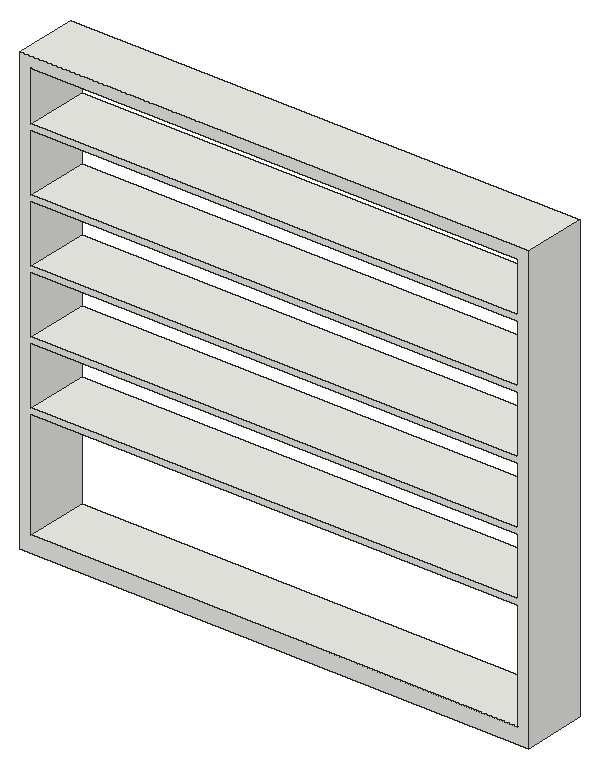
Revit family
Parameters (values of type "96" x 12" x 84"")
  Assembly Code = "E2020200"
  Depth = 1' - 0"
  Height = 7' - 0"
  Shelving Unit Material = Laminate - Ivory, Matte
  Width = 8' - 0"
Types (3): name | Depth | Height | Shelving Unit Material | Width
  (no name) | 1' - 0" | 7' - 0" | Laminate - Ivory, Matte | 8' - 0"
  36" x 10" x 72" | 0' - 10" | 6' - 0" | Wood - Birch | 3' - 0"
  96" x 12" x 84" | 1' - 0" | 7' - 0" | Laminate - Ivory, Matte | 8' - 0"
Reference planes (in)
  plane 1: y = -12
  plane 2: z = 0
  plane 3: x = 0
  plane 4 "Back": y = -6
  plane 5 "Front": y = -18
  plane 6 "Right": x = 48
  plane 7 "Left": x = -48
  plane 8: z = 84
  plane 9: x = -46
  plane 10: x = 46
  plane 11: x = -48
  plane 12: x = 48
  plane 13: z = 60
  plane 14: z = 36
  plane 15: z = 12
  plane 16: z = 72
  plane 17: z = 48
  plane 18: z = 24
Forms (in)
  Extrusion 1, solid, material "Laminate - Ivory, Matte" <- "Shelving Unit Material"
    sketch origin (0, 0, 0) x (1, 0, 0) y (0, 0, 1)
      loop
        line (-48, 0) -> (48, 0) -> (48, 84) -> (-48, 84) -> (-48, 0)
      loop
        line (-46, 82) -> (-46, 72.5) -> (46, 72.5) -> (46, 82) -> (-46, 82)
      loop
        line (-46, 3) -> (46, 3) -> (46, 23.5) -> (-46, 23.5) -> (-46, 3)
      loop
        line (46, 48.5) -> (46, 59.5) -> (-46, 59.5) -> (-46, 48.5) -> (46, 48.5)
      loop
        line (-46, 71.5) -> (-46, 60.5) -> (46, 60.5) -> (46, 71.5) -> (-46, 71.5)
      loop
        line (-46, 47.5) -> (-46, 36.5) -> (46, 36.5) -> (46, 47.5) -> (-46, 47.5)
      loop
        line (-46, 35.5) -> (-46, 24.5) -> (46, 24.5) -> (46, 35.5) -> (-46, 35.5)
    from 6 to 18
Lines and regions (in)
  Masking region 1
    outline origin (0, 0, 0) x (1, 0, 0) y (0, 1, 0)
      loop
        line (-48, -6) -> (-48, -18) -> (48, -18) -> (48, -6) -> (-48, -6)
Dimensions and locks (in)
  locked: plane 11 to plane 9 at 2
  plane 8 to Extrusion 1 sketch curve = 0' - 2"
  Extrusion 1 sketch curve to plane 2 = 0' - 3"
  "Width": plane 7 "Left" to plane 6 "Right"
  equal spacing: plane 7 "Left", plane 3, plane 6 "Right"
  equal spacing: plane 4 "Back", plane 1, plane 5 "Front"
  "Depth": plane 4 "Back" to plane 5 "Front"
  "Height": plane 8 to plane 2
  equal spacing: plane 8, plane 16, plane 13, plane 17, plane 14, plane 18, plane 15, plane 2
  locked: Extrusion 1 sketch curve to plane 16 at 0.5
  locked: plane 16 to Extrusion 1 sketch curve at 0.5
  locked: Extrusion 1 sketch curve to plane 13 at 0.5
  locked: plane 13 to Extrusion 1 sketch curve at 0.5
  locked: Extrusion 1 sketch curve to plane 17 at 0.5
  locked: plane 17 to Extrusion 1 sketch curve at 0.5
  locked: Extrusion 1 sketch curve to plane 14 at 0.5
  locked: plane 14 to Extrusion 1 sketch curve at 0.5
  locked: Extrusion 1 sketch curve to plane 18 at 0.5
  locked: plane 18 to Extrusion 1 sketch curve at 0.5
  locked: plane 10 to plane 12 at 2
  aligned and locked: Extrusion 1 to plane 5 "Front"
  aligned and locked: Extrusion 1 sketch curve to plane 11
  aligned and locked: Extrusion 1 sketch curve to plane 12
  aligned and locked: plane 11 to plane 7 "Left"
  aligned and locked: plane 12 to plane 6 "Right"
  aligned and locked: plane 4 "Back" to Extrusion 1
  aligned and locked: plane 10 to Extrusion 1 sketch curve  (x4)
  aligned and locked: Extrusion 1 sketch curve to Extrusion 1 sketch curve
  aligned and locked: plane 7 "Left" to Masking region 1 sketch curve
  aligned and locked: Masking region 1 sketch curve to plane 6 "Right"
  aligned and locked: plane 5 "Front" to Masking region 1 sketch curve
  aligned and locked: Masking region 1 sketch curve to plane 4 "Back"
Automatic sketch dimensions
  Extrusion 1 sketch curve to plane 9 = 0' - 0"  (x5)
  Extrusion 1 sketch curve to plane 10 = 0' - 0"  (x2)
  Extrusion 1 sketch curve to level = 0' - 0"
  Extrusion 1 sketch curve to plane 8 = 0' - 0"
